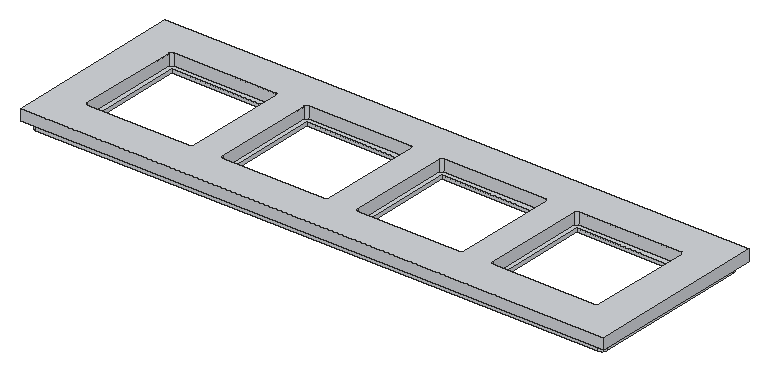
Revit family "Gira_0214221", category Electrical Fixtures, host Face, Revit 2017
Family settings
  Host = Face
  Maintain Annotation Orientation = No
  Round Connector Dimension = Use Diameter
  Part Type = Normal
  Cut with Voids When Loaded = No
  Shared = No
  Room Calculation Point = No
Parameters (values of type "Abdeckrahmen 4f Gira Esprit Lin.Mpx.Hellbraun")
  Werkstoffgüte = "sonstige"
  Werkstoff = "sonstige"
  URL = "http://katalog.gira.de/de_DE/datenblatt.html?artikelnr=0214221"
  Transparent = "No"
  Textfeld/Beschriftungsfläche = "No"
  Schutzart (IP) = "IP20"
  Region = "DE"
  Oberfläche = "sonstige"
  Name = "Abdeckrahmen 4f Gira Esprit Lin.Mpx.Hellbraun"
  Montagerichtung = "horizontal und vertikal"
  Mit Montagerahmen = "No"
  Mit Klappdeckel = "No"
  Manufacturer URL = "https://www.gira.de/"
  Keynote = "Espr._Rahmen_4fach"
  HeinzeBIM = "https://bimportal.heinze.de/bim/abdeckrahmen-4f-gira-esprit-lin-mpx-hellbraun/0556819cd31a6865874d2d6edfaa790087070182"
  Halogenfrei = "No"
  HAN = "0214221"
  Geeignet für Unterputz-Installation = "Yes"
  Geeignet für Unterflurkanaldose = "No"
  Geeignet für Geräteeinbaukanal = "No"
  Geeignet für Einbauinstallation = "No"
  GTIN = "4010337016038"
  Farbe = "sonstige"
  Default Elevation = 1219.2 mm
  Data sheet (1) = "https://katalog.gira.de/de_DE/download.html?artikelnr=0214221"
  Category = "Abdeckrahmen"
  Befestigungsart = "Klemmbefestigung"
  Available = "Yes"
  Anzahl der Einheiten vertikal = "4 "
  Anzahl der Einheiten horizontal = "4 "
  Anzahl der Einheiten = "4 "
Reference planes
  plane 1 "Center (Front/Back)": y = 0
  plane 2: z = 0
  plane 3 "Center (Left/Right)": x = 0
Forms (mm)
  Extrusion 1, solid, detail levels fine
    sketch origin (0, 0, 0) x (1, 0, 0) y (0, 1, 0)
      loop
        line (-154, 47.5) -> (-154, -47.5) -> (154, -47.5) -> (154, 47.5) -> (-154, 47.5)
      loop
        arc (-135.25, -26.8) -> (-134.811, -27.861) -> (-133.75, -28.3) r 1.5
        line (-133.75, -28.3) -> (-80.15, -28.3)
        arc (-80.15, -28.3) -> (-79.089, -27.861) -> (-78.65, -26.8) r 1.5
        line (-78.65, -26.8) -> (-78.65, 26.8)
        arc (-78.65, 26.8) -> (-79.089, 27.861) -> (-80.15, 28.3) r 1.5
        line (-80.15, 28.3) -> (-133.75, 28.3)
        arc (-133.75, 28.3) -> (-134.811, 27.861) -> (-135.25, 26.8) r 1.5
        line (-135.25, 26.8) -> (-135.25, -26.8)
      loop
        arc (-63.95, -26.8) -> (-63.511, -27.861) -> (-62.45, -28.3) r 1.5
        line (-62.45, -28.3) -> (-8.85, -28.3)
        arc (-8.85, -28.3) -> (-7.789, -27.861) -> (-7.35, -26.8) r 1.5
        line (-7.35, -26.8) -> (-7.35, 26.8)
        arc (-7.35, 26.8) -> (-7.789, 27.861) -> (-8.85, 28.3) r 1.5
        line (-8.85, 28.3) -> (-62.45, 28.3)
        arc (-62.45, 28.3) -> (-63.511, 27.861) -> (-63.95, 26.8) r 1.5
        line (-63.95, 26.8) -> (-63.95, -26.8)
      loop
        arc (7.35, -26.8) -> (7.789, -27.861) -> (8.85, -28.3) r 1.5
        line (8.85, -28.3) -> (62.45, -28.3)
        arc (62.45, -28.3) -> (63.511, -27.861) -> (63.95, -26.8) r 1.5
        line (63.95, -26.8) -> (63.95, 26.8)
        arc (63.95, 26.8) -> (63.511, 27.861) -> (62.45, 28.3) r 1.5
        line (62.45, 28.3) -> (8.85, 28.3)
        arc (8.85, 28.3) -> (7.789, 27.861) -> (7.35, 26.8) r 1.5
        line (7.35, 26.8) -> (7.35, -26.8)
      loop
        arc (78.65, -26.8) -> (79.089, -27.861) -> (80.15, -28.3) r 1.5
        line (80.15, -28.3) -> (133.75, -28.3)
        arc (133.75, -28.3) -> (134.811, -27.861) -> (135.25, -26.8) r 1.5
        line (135.25, -26.8) -> (135.25, 26.8)
        arc (135.25, 26.8) -> (134.811, 27.861) -> (133.75, 28.3) r 1.5
        line (133.75, 28.3) -> (80.15, 28.3)
        arc (80.15, 28.3) -> (79.089, 27.861) -> (78.65, 26.8) r 1.5
        line (78.65, 26.8) -> (78.65, -26.8)
    from 0 to 6
  Extrusion 2, solid, detail levels fine
    sketch origin (0, 0, 0) x (1, 0, 0) y (0, 1, 0)
      loop
        line (-132.85, -25.7) -> (-81.05, -25.7) -> (-81.05, 25.7) -> (-132.85, 25.7) -> (-132.85, -25.7)
      loop
        line (61.55, 25.7) -> (9.75, 25.7) -> (9.75, -25.7) -> (61.55, -25.7) -> (61.55, 25.7)
      loop
        arc (-149.85, -41.4) -> (-149.323, -42.673) -> (-148.05, -43.2) r 1.8
        line (-148.05, -43.2) -> (148.05, -43.2)
        arc (148.05, -43.2) -> (149.323, -42.673) -> (149.85, -41.4) r 1.8
        line (149.85, -41.4) -> (149.85, 41.4)
        arc (149.85, 41.4) -> (149.323, 42.673) -> (148.05, 43.2) r 1.8
        line (148.05, 43.2) -> (-148.05, 43.2)
        arc (-148.05, 43.2) -> (-149.323, 42.673) -> (-149.85, 41.4) r 1.8
        line (-149.85, 41.4) -> (-149.85, -41.4)
      loop
        line (-9.75, 25.7) -> (-61.55, 25.7) -> (-61.55, -25.7) -> (-9.75, -25.7) -> (-9.75, 25.7)
      loop
        line (132.85, 25.7) -> (81.05, 25.7) -> (81.05, -25.7) -> (132.85, -25.7) -> (132.85, 25.7)
    from -1.9 to 0
  Extrusion 3, solid, detail levels fine
    sketch origin (0, 0, 0) x (1, 0, 0) y (0, 1, 0)
      loop
        arc (-148.05, 44.4) -> (-150.171, 43.521) -> (-151.05, 41.4) r 3
        line (-151.05, 41.4) -> (-151.05, -41.4)
        arc (-151.05, -41.4) -> (-150.171, -43.521) -> (-148.05, -44.4) r 3
        line (-148.05, -44.4) -> (148.05, -44.4)
        arc (148.05, -44.4) -> (150.171, -43.521) -> (151.05, -41.4) r 3
        line (151.05, -41.4) -> (151.05, 41.4)
        arc (151.05, 41.4) -> (150.171, 43.521) -> (148.05, 44.4) r 3
        line (148.05, 44.4) -> (-148.05, 44.4)
      loop
        arc (-149.85, -41.4) -> (-149.323, -42.673) -> (-148.05, -43.2) r 1.8
        line (-148.05, -43.2) -> (148.05, -43.2)
        arc (148.05, -43.2) -> (149.323, -42.673) -> (149.85, -41.4) r 1.8
        line (149.85, -41.4) -> (149.85, 41.4)
        arc (149.85, 41.4) -> (149.323, 42.673) -> (148.05, 43.2) r 1.8
        line (148.05, 43.2) -> (-148.05, 43.2)
        arc (-148.05, 43.2) -> (-149.323, 42.673) -> (-149.85, 41.4) r 1.8
        line (-149.85, 41.4) -> (-149.85, -41.4)
    from -3.7 to 0
  Extrusion 4, solid, detail levels medium
    sketch origin (0, 0, 0) x (1, 0, 0) y (0, 1, 0)
      loop
        line (-154, 47.5) -> (-154, -47.5) -> (154, -47.5) -> (154, 47.5) -> (-154, 47.5)
    from 0 to 6
  Extrusion 5, solid, detail levels medium
    sketch origin (0, 0, 0) x (1, 0, 0) y (0, 1, 0)
      loop
        line (-154, 44.4) -> (-154, -44.4) -> (154, -44.4) -> (154, 44.4) -> (-154, 44.4)
    from -3.7 to 0
  Extrusion 6, solid, detail levels coarse
    sketch origin (0, 0, 0) x (1, 0, 0) y (0, 1, 0)
      loop
        line (-154, 47.5) -> (-154, -47.5) -> (154, -47.5) -> (154, 47.5) -> (-154, 47.5)
    from -3.7 to 6
Dimensions and locks
  aligned and locked: plane 2 to host face
  aligned and locked: level to host face
